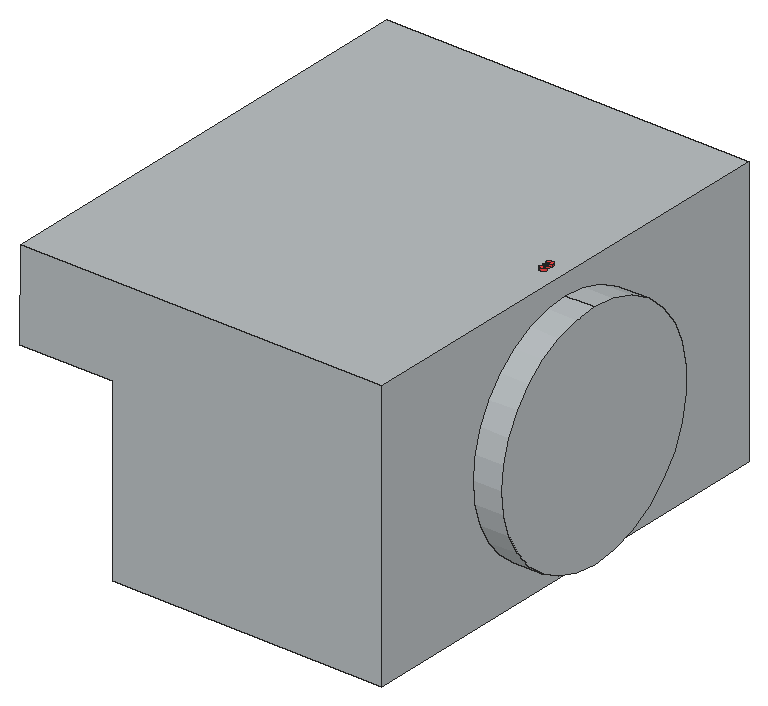
Revit family "NLRS_57_DUA_UN_plenum_for_return_wall_grill_wro_LT_Solid_Air", category Duct Accessories, Revit 2020
Family settings
  Round Connector Dimension = Use Diameter
  Part Type = Attaches To
  Work Plane-Based = No
  Always vertical = Yes
  Cut with Voids When Loaded = No
  Shared = No
Parameters (values of type "WTOO")
  built-in parameter 1114242 [instance] = 1 = 0  # (empty or 0)
  URL = "https://solid-air.nl/producten/wto-wro/"
  SACS_Real_Width [instance] = SACS_Duct_Width - 3 mm  # 622 mm
  SACS_Real_Height [instance] = SACS_Duct_Height - 3 mm  # 122 mm
  SACS_Price_Width [instance] = if(SACS_Duct_Width > 1025 mm, 1225 mm, if(SACS_Duct_Width > 825 mm, 1025 mm, if(SACS_Duct_Width > 625 mm, 825 mm, if(SACS_Duct_Width > 525 mm, 625 mm, if(SACS_Duct_Width > 425 mm, 525 mm, if(SACS_Duct_Width > 325 mm, 425 mm, if(SACS_Duct_Width > 225 mm, 325 mm, if(SACS_Price_Height = 325 mm, 325 mm, 225 mm))))))))  # 625 mm
  SACS_Price_Height [instance] = if(SACS_Duct_Height > 225 mm, 325 mm, if(SACS_Duct_Height > 125 mm, 225 mm, if(SACS_Duct_Height > 85 mm, 125 mm, if(SACS_Duct_Height > 75 mm, 85 mm, 75 mm))))  # 125 mm
  SACS_Option_2 [instance] = if([Plenum type (0-1)] < 1, "Not insulated", "Insulated")  # "Not insulated"
  SACS_Option_1_Value [instance] = if(or([Connection side (0-2)] < 1, SACS_Array_Count > 1), 0, if([Connection side (0-2)] > 1, 2, [Connection side (0-2)]))  # 0
  SACS_Option_1 [instance] = if(SACS_Option_1_Value = 0, "Back", if(SACS_Option_1_Value = 1, "Left", "Right"))  # "Back"
  SACS_Offset3 [instance] = if(SACS_Array_Count = 2, SACS_Offset2, 0 mm)  # 0 mm
  SACS_Offset2 [instance] = if(SACS_Array_Count = 3, SACS_Duct_Width / 3, if(SACS_Array_Count = 2, SACS_Duct_Width / 4, 0 mm))  # 0 mm
  SACS_Offset1 [instance] = if(SACS_Option_1_Value = 0, SACS_Length_X / 2, SACS_Duct_Width / 2)  # 182.5 mm
  SACS_Model [instance] = size_lookup(SACS_Data_Hidden, "", "WTO special", SACS_Duct_Width, SACS_Duct_Height, SACS_Index1, SACS_Index2)  # "WROOAU 625x125 D=315"
  SACS_Length_X [instance] = size_lookup(SACS_Data_Hidden, "C", 125 mm, SACS_Price_Width, SACS_Price_Height)  # 365 mm
  SACS_Index2 [instance] = if([Plenum type (0-1)] < 1, 0 mm, 1 mm)  # 0 mm
  SACS_Index1 [instance] = SACS_Option_1_Value * 1 mm  # 0 mm
  SACS_Height2 [instance] = size_lookup(SACS_Data_Hidden, "K", 125 mm, SACS_Price_Width, SACS_Price_Height)  # 365 mm
  SACS_Dummy = 1  # constant formula
  SACS_Duct_Width [instance] = if(NLRS_M_c01_breedte < 225 mm, 225 mm, if(NLRS_M_c01_breedte > 1225 mm, 1225 mm, NLRS_M_c01_breedte))  # 625 mm
  SACS_Duct_Height [instance] = if(NLRS_M_c01_hoogte < 75 mm, 75 mm, if(NLRS_M_c01_hoogte > 325 mm, 325 mm, NLRS_M_c01_hoogte))  # 125 mm
  SACS_Diameter [instance] = NLRS_M_c02_diameter - 2 mm  # 313 mm
  SACS_Data_Hidden = "WRO"  # constant formula
  SACS_Article_Code [instance] = size_lookup(SACS_Data_Hidden, "Artikelcode", "NB", SACS_Duct_Width, SACS_Duct_Height, SACS_Index1, SACS_Index2)  # "8301001025"
  SACS_Array_Count [instance] = size_lookup(SACS_Data_Hidden, "Count", 1, SACS_Price_Width, SACS_Price_Height)  # 1
  SACS_Angle1 [instance] = if(SACS_Option_1_Value = 0, 90.00°, if(SACS_Option_1_Value = 1, 180.00°, 0.00°))  # 90.00°
  SACS_Air_Flow2 [instance] = SACS_Air_Flow / SACS_Array_Count  # 0.0 L/s
  SACS_Air_Flow [instance] = 0.0 L/s
  Plenum type (0-1) [instance] = 0
  NLRS_M_c02_diameter [instance] = size_lookup(SACS_Data_Hidden, "D", 125 mm, SACS_Price_Width, SACS_Price_Height)  # 315 mm
  NLRS_M_c01_hoogte [instance] = 125 mm
  NLRS_M_c01_debiet [instance] = SACS_Air_Flow * SACS_Dummy  # 0.0 L/s
  NLRS_M_c01_breedte [instance] = 625 mm
  NLRS_C_model [instance] = SACS_Model  # "WROOAU 625x125 D=315"
  NLRS_C_lengte [instance] = size_lookup(SACS_Data_Hidden, "L", 200 mm, SACS_Price_Width, SACS_Price_Height)  # 490 mm
  NLRS_C_description = Description  # "WRO, plenum for wall grill"
  NLRS_C_content_versie = "3.20.00"  # constant formula
  NLRS_C_content_provider = "Solid Air Climate Solutions"  # constant formula
  NLRS_C_content_datum_gewijzigd = "25-04-2023"  # constant formula
  NLRS_C_content_creator = "J.Feeke"  # constant formula
  Model = "WRO, plenum for wall grill"  # constant formula
  Manufacturer = "Solid Air Climate Solutions"  # constant formula
  Description = "WRO, plenum for wall grill"  # constant formula
  Default Elevation = 0 mm
  Connection side (0-2) [instance] = 0
  Assembly Code = "57.00"
Reference planes
  plane 1 "Center (Front/Back)": y = 0
  plane 2: z = 0
  plane 3 "Center (Left/Right)": x = 10
  plane 4 "Top": z = 61
  plane 5: z = -61
  plane 6: x = 500
  plane 7 "Bottom": z = -304
  plane 8: y = 311
  plane 9: y = -311
  plane 10: x = 135
  plane 11 "Center_c02": z = -121.5
  plane 12: x = 317.5
Forms (mm)
  Extrusion 1, solid, material "NLRS_57_sendzimir verzinkt_gen_sacs"
    sketch origin (0, 0, 0) x (1, 0, 0) y (0, 0, 1)
      loop
        line (500, -304) -> (500, 61) -> (10, 61) -> (10, -61) -> (135, -61) -> (135, -304) -> (500, -304)
    from -311 to 311
  Extrusion 2, solid, material "NLRS_57_sendzimir verzinkt_gen_sacs"
    sketch origin (500, 0, -121.5) x (0, 0, 1) y (0, -1, 0)
      loop
        circle (0, 0) r 156.5
    from 0 to 40
  Extrusion 3, solid, material "NLRS_57_sendzimir verzinkt_gen_sacs"
    sketch origin (500, 0, -121.5) x (0, 0, 1) y (0, -1, 0)
      loop
        circle (0, 0) r 156.5
    from 0 to 40
  Extrusion 4, solid, material "NLRS_57_sendzimir verzinkt_gen_sacs"
    sketch origin (500, 0, -121.5) x (0, 0, 1) y (0, -1, 0)
      loop
        circle (0, 0) r 156.5
    from 0 to 40
Lines and regions (mm)
  reference lines
    curve 1: line (317.5, 0, -121.5) -> (500, 0, -121.5)
    curve 2: line (317.5, 0, -121.5) -> (500, 0, -121.5)
    curve 3: line (317.5, 0, -121.5) -> (500, 0, -121.5)
Dimensions and locks
  equal spacing: plane 4 "Top", level, plane 5
  "SACS_Real_Height": plane 4 "Top" to plane 5
  "SACS_Height2": plane 4 "Top" to plane 7 "Bottom"
  equal spacing: plane 8, plane 1 "Center (Front/Back)", plane 9
  "SACS_Real_Width": plane 8 to plane 9
  "SACS_Length_X": plane 6 to plane 10
  "NLRS_C_lengte": plane 6 to plane 3 "Center (Left/Right)"
  equal spacing: plane 4 "Top", plane 11 "Center_c02", plane 7 "Bottom"
  equal spacing: plane 6, plane 12, plane 10
  locked: Extrusion 2 sketch curve to curve 1
  "SACS_Offset1": curve 1 to curve 1
  plane 10 to plane 3 "Center (Left/Right)" = 125 mm
  locked: Extrusion 3 sketch curve to curve 2
  locked: Extrusion 4 sketch curve to curve 3
  locked: plane 12 to curve 3
  "SACS_Offset3": plane 1 "Center (Front/Back)" to curve 3
  locked: plane 12 to curve 2
  locked: plane 12 to curve 1
  "SACS_Offset2": curve 1 to plane 1 "Center (Front/Back)"
  "SACS_Offset2": plane 1 "Center (Front/Back)" to curve 2
  "SACS_Offset1": curve 3 to curve 3
  "SACS_Offset1": curve 2 to curve 2
  locked: nested 1 to plane 6 at 25
  locked: nested 2 to plane 6 at 25
  "SACS_Diameter": diameter of Extrusion 2 sketch curve
  "SACS_Diameter": diameter of Extrusion 3 sketch curve
  "SACS_Diameter": diameter of Extrusion 4 sketch curve
  "SACS_Angle1": angle plane 12 to curve 1
  "SACS_Angle1": angle plane 12 to curve 3
  "SACS_Angle1": angle plane 12 to curve 2
  aligned and locked: level to plane 2
  aligned and locked: plane 8 to Extrusion 1
  aligned and locked: Extrusion 1 to plane 9
  aligned and locked: Extrusion 1 sketch curve to plane 6
  aligned and locked: plane 7 "Bottom" to Extrusion 1 sketch curve
  aligned and locked: Extrusion 1 sketch curve to plane 4 "Top"
  aligned and locked: plane 5 to Extrusion 1 sketch curve
  aligned and locked: plane 10 to Extrusion 1 sketch curve
  aligned and locked: plane 3 "Center (Left/Right)" to Extrusion 1 sketch curve
  aligned and locked: nested 1 to plane 1 "Center (Front/Back)"
  aligned and locked: nested 2 to plane 1 "Center (Front/Back)"
Nested families
  nested 1: "logo_single" at (475, 0, 61) x (0, 1, 0) z (0, 0, 1), type "logo_single"
  nested 2: "logo_single" at (475, 0, -306) x (0, 1, 0) z (0, 0, 1), type "logo_single"
Connectors
  hvac at (10, 0, 0), driven by "NLRS_M_c01_hoogte", driven by "NLRS_M_c01_breedte", driven by "SACS_Air_Flow"
    settings: on Extrusion 1, index 1, duct flow 0.0 L/s, flow factor 0, pres drop 0.0 Pa, loss coef 0, conn angle 0.00°, conn width 625 mm, conn height 125 mm, conn diameter 609.6 mm, duct sys type 2, conn prof type 1, flow config 0, flow direction 1, loss method 0, conn ref index 3, conn util no, is conn primary yes, conn desc ""
  hvac at (500, 0, -121.5), driven by "NLRS_M_c02_diameter", driven by "SACS_Air_Flow2"
    settings: on Extrusion 2, index 2, duct flow 0.0 L/s, flow factor 0, pres drop 0.0 Pa, loss coef 0, conn angle 0.00°, conn width 304.8 mm, conn height 304.8 mm, conn diameter 315 mm, duct sys type 2, conn prof type 0, flow config 1, flow direction 2, loss method 0, conn ref index -1, conn util no, is conn primary no, conn desc ""
  hvac at (500, 0, -121.5), driven by "NLRS_M_c02_diameter", driven by "SACS_Air_Flow2"
    settings: on Extrusion 4, index 3, duct flow 0.0 L/s, flow factor 0, pres drop 0.0 Pa, loss coef 0, conn angle 0.00°, conn width 304.8 mm, conn height 304.8 mm, conn diameter 315 mm, duct sys type 2, conn prof type 0, flow config 1, flow direction 2, loss method 0, conn ref index 1, conn util no, is conn primary no, conn desc ""
  hvac at (500, 0, -121.5), driven by "NLRS_M_c02_diameter", driven by "SACS_Air_Flow2"
    settings: on Extrusion 3, index 4, duct flow 0.0 L/s, flow factor 0, pres drop 0.0 Pa, loss coef 0, conn angle 0.00°, conn width 304.8 mm, conn height 304.8 mm, conn diameter 315 mm, duct sys type 2, conn prof type 0, flow config 1, flow direction 2, loss method 0, conn ref index -1, conn util no, is conn primary no, conn desc ""
Definition of nested family "logo_single"
  Parameters (values of type "logo_single")
    t = 5 mm
    Model = "LOD 400"
    Description = "Model type"
    Default Elevation = 1219.2 mm
  Reference planes
    plane 1 "Center (Front/Back)": y = 0
    plane 2: z = 0
    plane 3 "Center (Left/Right)": x = 0
    plane 4: z = 2
    plane 5: x = -10
    plane 6: y = -5
    plane 7: y = 5
    plane 8: x = -5
    plane 9: x = 5
    plane 10: x = 10
  Forms (mm)
    Extrusion 1, solid
      sketch origin (-547.644, -297.937, 0) x (1, 0, 0) y (0, 1, 0)
        loop
          arc (542.644, 302.937) -> (537.644, 297.937) -> (542.644, 292.937) r 5
          line (542.644, 292.937) -> (542.644, 297.937) -> (547.644, 292.937) -> (547.644, 297.937) -> (542.644, 302.937)
      from 0 to 2
    Extrusion 2, solid
      sketch origin (0, 0, 0) x (1, 0, 0) y (0, 1, 0)
        loop
          arc (5, -5) -> (10, 0) -> (5, 5) r 5
          line (5, 5) -> (5, 0) -> (0, 5) -> (0, 0) -> (5, -5)
      from 0 to 2
  Dimensions and locks
    "t": plane 7 to plane 1 "Center (Front/Back)"
    "t": plane 6 to plane 1 "Center (Front/Back)"
    "t": plane 5 to plane 8
    "t": plane 8 to plane 3 "Center (Left/Right)"
    "t": plane 3 "Center (Left/Right)" to plane 9
    "t": plane 9 to plane 10
    aligned and locked: level to plane 2
    aligned and locked: plane 4 to Extrusion 1
  Automatic sketch dimensions
    plane 1 "Center (Front/Back)" to Extrusion 1 sketch curve = 0 mm  (x3)
    Extrusion 1 sketch curve to plane 8 = 0 mm
    Extrusion 1 sketch curve to plane 7 = 0 mm
    Extrusion 1 sketch curve to plane 3 "Center (Left/Right)" = 0 mm
    Extrusion 1 sketch curve to plane 6 = 0 mm
    Extrusion 2 sketch curve to plane 3 "Center (Left/Right)" = 0 mm
    plane 1 "Center (Front/Back)" to Extrusion 2 sketch curve = 0 mm  (x3)
    Extrusion 2 sketch curve to plane 6 = 0 mm
    Extrusion 2 sketch curve to plane 9 = 0 mm
    Extrusion 2 sketch curve to plane 7 = 0 mm
